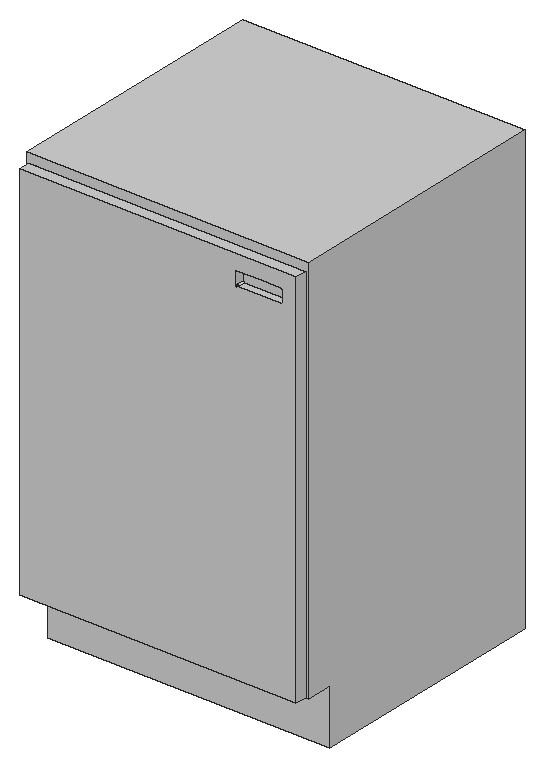
Revit family "WC30", category Specialty Equipment, Revit 2012
Parameters (values of type "Work Counter Unit w/ Door (Default)")
  URL = "http://madixinc.com/store/pharmacy/counters.html"
  Model = "Work Counter"
  Manufacturer = "© 2012 Madix, Inc. All rights reserved."
Reference planes (in)
  plane 1 "Center (Front/Back)": y = 0
  plane 2: z = 0
  plane 3 "Center (Left/Right)": x = 0
  plane 4: x = -12
  plane 5: x = 12
  plane 6: y = 12
  plane 7: y = -12
  plane 8: z = 38
  plane 9: y = -11.875
  plane 10: x = 11.75
  plane 11: x = -11.75
  plane 12: x = -11.25
  plane 13: z = 37.25
  plane 14: x = 0
Forms (in)
  Extrusion 1, solid, material "Metal - Steel"
    sketch origin (0, 0, 0) x (0, -1, 0) y (0, 0, -1)
      loop
        line (-12, 0) -> (-12, -38) -> (11, -38) -> (11, -4.75) -> (8.75, -4.75) -> (8.75, 0) -> (-12, 0)
    from -12 to -11.25
  Extrusion 2, solid, material "Metal - Steel"
    sketch origin (0, 0, 0) x (0, -1, 0) y (0, 0, 1)
      loop
        line (-12, 0) -> (8.75, 0) -> (8.75, 4.75) -> (11, 4.75) -> (11, 38) -> (-12, 38) -> (-12, 0)
    from -12 to -11.25
  Extrusion 3, solid, material "Metal - Steel"
    sketch origin (0, 0, 0) x (1, 0, 0) y (0, 1, 0)
      loop
        line (-11.25, 12) -> (-11.25, 11.75) -> (11.25, 11.75) -> (11.25, 12) -> (-11.25, 12)
    from 0 to 38
  Extrusion 4, solid, material "Metal - Steel"
    sketch origin (0, 0, 0) x (1, 0, 0) y (0, 1, 0)
      loop
        line (11.25, -11) -> (11.25, 11.75) -> (-11.25, 11.75) -> (-11.25, -11) -> (11.25, -11)
    from 37.25 to 38
  Extrusion 5, solid, material "Metal - Steel"
    sketch origin (0, 0, 0) x (0, 1, 0) y (0, 0, 1)
      loop
        line (-8.75, 0) -> (11.75, 0) -> (11.75, 5.5) -> (-11, 5.5) -> (-11, 4.75) -> (-8.75, 4.75) -> (-8.75, 0)
    from -11.25 to 11.25
  Extrusion 6, solid, material "Metal - Steel"
    sketch origin (0, 0, 6.25) x (1, 0, 0) y (0, 0, 1)
      loop
        line (-11.75, 31) -> (-11.75, -1.5) -> (11.75, -1.5) -> (11.75, 31) -> (-11.75, 31)
    from 11 to 11.25
  Extrusion 7, solid, material "Metal - Steel"
    sketch origin (0, 0, 6.25) x (1, 0, 0) y (0, 0, 1)
      loop
        line (-11.75, 31) -> (-11.75, -1.5) -> (11.75, -1.5) -> (11.75, 31) -> (-11.75, 31)
      loop
        arc (6.75, 30) -> (6.66161, 29.96339) -> (6.625, 29.875) r 0.125
        line (6.625, 29.875) -> (6.625, 28.625)
        arc (6.625, 28.625) -> (6.66161, 28.53661) -> (6.75, 28.5) r 0.125
        line (6.75, 28.5) -> (10.5, 28.5)
        arc (10.5, 28.5) -> (10.58839, 28.53661) -> (10.625, 28.625) r 0.125
        line (10.625, 28.625) -> (10.625, 29.875)
        arc (10.625, 29.875) -> (10.58839, 29.96339) -> (10.5, 30) r 0.125
        line (10.5, 30) -> (6.75, 30)
    from 11.25 to 11.875
  Extrusion 8, solid, material "Metal - Steel"
    sketch origin (0, 0, 6.25) x (1, 0, 0) y (0, 0, 1)
      loop
        line (-11.75, 31) -> (-11.75, -1.5) -> (11.75, -1.5) -> (11.75, 31) -> (-11.75, 31)
      loop
        line (8.625, 29.75) -> (6.75, 29.75)
        arc (6.75, 29.75) -> (6.66161, 29.71339) -> (6.625, 29.625) r 0.125
        line (6.625, 29.625) -> (6.625, 28.625)
        arc (6.625, 28.625) -> (6.66161, 28.53661) -> (6.75, 28.5) r 0.125
        line (6.75, 28.5) -> (8.625, 28.5) -> (10.5, 28.5)
        arc (10.5, 28.5) -> (10.58839, 28.53661) -> (10.625, 28.625) r 0.125
        line (10.625, 28.625) -> (10.625, 29.625)
        arc (10.625, 29.625) -> (10.58839, 29.71339) -> (10.5, 29.75) r 0.125
        line (10.5, 29.75) -> (8.625, 29.75)
    from 11.875 to 12
Cuts and joins
  joined: Extrusion 1, Extrusion 2, Extrusion 3, Extrusion 4, Extrusion 5
  joined: Extrusion 6, Extrusion 7, Extrusion 8
Dimensions and locks (in)
  aligned and locked: level to plane 2
